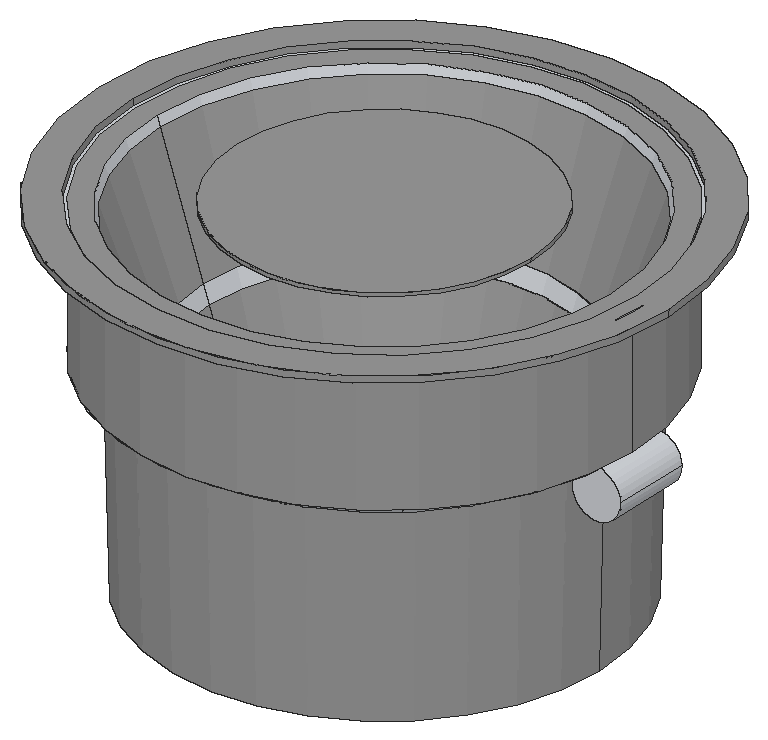
Revit family "2070138", category Lighting Fixtures, host Face, Revit 2018
Family settings
  Host = Face
  Round Connector Dimension = Use Diameter
  Part Type = Normal
  OmniClass Number = 23.80.70.00
  OmniClass Title = Lighting
  Cut with Voids When Loaded = No
  Light Source = Yes
  Shared = No
  Room Calculation Point = No
Parameters (values of type "2070138 SOLST 150 1850LM 940  DALI WW")
  Weight = "n/a"
  Wattage Comments = ""
  Wattage = 9.2903 W
  WarrantyStartDate [instance] = "n/a"
  WarrantyGuarantorParts = "n/a"
  WarrantyDurationUnit = "n/a"
  WarrantyDurationParts = ""
  WarrantyDescription = "http://www.sylvania-lighting.com"
  built-in parameter 1150110 = 1 (stored number, unit not read)
  Voltage = 0 V
  URL = "0.98"
  TypeName = "Solstice 150 1850lm 940  DALI WW"
  Type Image = <None>
  Type Comments = "n/a"
  built-in parameter 1114217 = 1 (stored number, unit not read)
  Tilt Angle = -90.00°
  built-in parameter 1150109 = 1 (stored number, unit not read)
  built-in parameter 1150134 = 3
  built-in parameter 1150113 = 1 (stored number, unit not read)
  SerialNumber [instance] = "n/a"
  Photometric Web File = "2070138.IES"
  Material_3_SYL = none
  PowerFactor = 0
  PowerConsumption = "Lighting"
  NominalLength = 165 mm
  NominalHeight = 45 mm
  NominalDepth = 165 mm
  Name = "Solstice 150 1850lm 940  DALI WW"
  ModelReference = Name  # "Solstice 150 1850lm 940  DALI WW"
  ModelNumber = "2070138"
  Model = Name  # "Solstice 150 1850lm 940  DALI WW"
  Material = "Feilo Sylvania"
  ManufacturerName = "123 lm/W"
  Manufacturer = ""
  LuminousEfficacy = ""
  built-in parameter 1150105 = 109.82 (stored number, unit not read)
  Lumens = 1380 lm
  LuminaireType = "0"
  built-in parameter 1150115 = 1 (stored number, unit not read)
  LightOutputRatio = "LED"
  built-in parameter 1150137 = (empty or 0)
  built-in parameter 1150139 = (empty or 0)
  LampsType = Lamp  # "n/a"
  LampNominalLuminous = "4000 K"
  LampMacAdamStep = "90"
  LampColourTemperature = "LED"
  LampColourRenderingIndex = "16500"
  built-in parameter 1150112 = 1 (stored number, unit not read)
  built-in parameter 1150114 = 1 (stored number, unit not read)
  Lamp = "n/a"
  Keynote = "n/a"
  InstallationDate [instance] = "n/a"
  InputVoltage = "0"
  InputNominalFrequency = "4000"
  built-in parameter 1150132 = (empty or 0)
  built-in parameter 1150102 = (empty or 0)
  built-in parameter 1150107 = 3200 (stored number, unit not read)
  built-in parameter 1150138 = (empty or 0)
  IngressProtection = "IfcLightFixtureType"
  ImpactProtectionIndex = "IfcLightFixtureType"
  built-in parameter 1150106 = 1.0982 (stored number, unit not read)
  IfcExportType = "IfcLightFixtureType"
  IfcExportAs = "Class II"
  Emit from Circle Diameter = 609.6 mm
  Emit Shape Visible in Rendering = no
  ElectricShockClassification = "123"
  built-in parameter 1150104 = 13.8 (stored number, unit not read)
  DocumentationLiterature = "http://www.sylvania-lighting.com/product/en-int/products/2070138"
  DimmingControlOptions = "n/a"
  Material_2_SYL = none
  Dimming Lamp Color Temperature Shift = <None>
  Description = "The Solstice 150 1850lm 940 DALI WW is a high efficient DALI dimmable downlight luminaire, Colour rendering index Ra>90, Colour temperature: 4000K Neutral White, Class II, Protection rating IP40/IP20, Cut out dimensions: 150mm."
  Default Elevation = 1219.2 mm
  CreatedOn = "03/08/2023"
  CreatedBy = "@sylvania-lighting.com"
  Cost = 0
  Color Filter = 16777215
  built-in parameter 1114216 [instance] = (empty or 0)
  ClassificationValue = "EF_70_80"
  ClassificationName = "Uniclass2015"
  Material_1_SYL = none
  BarCode [instance] = "n/a"
  built-in parameter 1114218 = 1 (stored number, unit not read)
  built-in parameter 1150133 = 10 (stored number, unit not read)
  AssetType = "Fixed"
  AssetIdentifier [instance] = "n/a"
  Assembly Code = "D5020200"
  Apparent Load = 15 VA
  Material_4_SYL = none
Reference planes
  plane 1 "Center (Front/Back)": y = 0
  plane 2: z = 0
  plane 3 "Center (Left/Right)": x = 0
  plane 4: x = -82.5
  plane 5: x = 82.5
  plane 6: y = 82.5
  plane 7: y = -82.5
  plane 8: y = 75
  plane 9: y = -75
  plane 10: y = 73
  plane 11: y = -73
  plane 12: x = 73
  plane 13: x = 75
  plane 14: x = 66
  plane 15: z = 3.8
  plane 16: x = -66.957
  plane 17: x = -66
  plane 18: z = -43.942
  plane 19: x = 66.001
  plane 20: x = 64.013
  plane 21: x = -64
  plane 22: z = -45.791
  plane 23: x = 69.732
Forms (mm)
  Extrusion 1, void
    sketch origin (0, 0, 0) x (1, 0, 0) y (0, 1, 0)
      loop
        circle (0, 0) r 75
    from -93.856 to 21.107
  Blend 2, solid, material "Aluminum"
    base sketch origin (0, 0, 0) x (1, 0, 0) y (0, 1, 0)
      loop
        circle (0, 0) r 82.5
    top sketch origin (0, 0, 0) x (1, 0, 0) y (0, 1, 0)
      loop
        circle (0, 0) r 82.5
    from 0 to 1.8
  Extrusion 3, void
    sketch origin (0, 0, 0) x (1, 0, 0) y (0, 1, 0)
      loop
        circle (0, 0) r 73
    from 0 to 1.8
  Blend 4, solid, material "Aluminum"
    base sketch origin (0, 0, 0) x (1, 0, 0) y (0, 1, 0)
      loop
        circle (0, 0) r 72
    top sketch origin (0, 0, 0) x (1, 0, 0) y (0, 1, 0)
      loop
        circle (0, 0) r 72
    from -38.989 to 0
  Blend 5, solid
    base sketch origin (0, 0, 0) x (1, 0, 0) y (0, 1, 0)
      loop
        circle (0, 0) r 75
    top sketch origin (0, 0, 0) x (1, 0, 0) y (0, 1, 0)
      loop
        circle (0, 0) r 72
    from 0 to -2.5
  Blend 6, solid
    base sketch origin (0, 0, 0) x (1, 0, 0) y (0, 1, 0)
      loop
        circle (0, 0) r 64
    top sketch origin (0, 0, 0) x (1, 0, 0) y (0, 1, 0)
      loop
        circle (0, 0) r 72
    from -43.942 to -38.989
  Blend 7, solid, material "Aluminum"
    base sketch origin (0, 0, 0) x (1, 0, 0) y (0, 1, 0)
      loop
        circle (0, 0) r 62.5
    top sketch origin (0, 0, 0) x (1, 0, 0) y (0, 1, 0)
      loop
        circle (0, 0) r 64
    from -98.977 to -43.942
  Blend 8, void
    base sketch origin (0, 1219.2, 38) x (1, 0, 0) y (0, 1, 0)
      loop
        circle (0, -1219.2) r 66.5
    top sketch origin (0, 1219.2, 38) x (1, 0, 0) y (0, 1, 0)
      loop
        circle (0, -1219.2) r 42.5
    from -36.2 to -106.2
  Extrusion 9, solid, material "Glass, White, High Luminance", detail levels fine
    sketch origin (0, 0, 0) x (1, 0, 0) y (0, 1, 0)
      loop
        circle (0, 0) r 42.5
    from 0 to 1
  Extrusion 10, solid
    sketch origin (0, 0, 0) x (1, 0, 0) y (0, 0, 1)
      loop
        circle (70.068, -45.791) r 7
    from -11.421 to 10.579
Cuts and joins
  Extrusion 3 cuts Blend 2
  Blend 8 cuts Blend 5
  Extrusion 3, Blend 8 cuts Blend 4
  Blend 8 cuts Blend 6
  Blend 8 cuts Blend 7
Dimensions and locks
  "NominalLength": plane 4 to plane 5
  equal spacing: plane 4, plane 3 "Center (Left/Right)", plane 5
  "NominalDepth": plane 6 to plane 7
  equal spacing: plane 6, plane 1 "Center (Front/Back)", plane 7
  aligned and locked: plane 2 to host face
  aligned and locked: level to host face
Automatic sketch dimensions
  host sketch curve to host sketch curve = 2438.4 mm  (x2)
  plane 1 "Center (Front/Back)" to Extrusion 1 sketch curve = 0 mm
  Extrusion 1 sketch curve to plane 3 "Center (Left/Right)" = 0 mm
  plane 1 "Center (Front/Back)" to Blend 2 sketch curve = 0 mm  (x2)
  Blend 2 sketch curve to plane 3 "Center (Left/Right)" = 0 mm  (x2)
  plane 1 "Center (Front/Back)" to Extrusion 3 sketch curve = 0 mm
  Extrusion 3 sketch curve to plane 3 "Center (Left/Right)" = 0 mm
  plane 1 "Center (Front/Back)" to Blend 4 sketch curve = 0 mm  (x2)
  Blend 4 sketch curve to plane 3 "Center (Left/Right)" = 0 mm  (x2)
  plane 1 "Center (Front/Back)" to Blend 5 sketch curve = 0 mm  (x2)
  Blend 5 sketch curve to plane 3 "Center (Left/Right)" = 0 mm  (x2)
  plane 1 "Center (Front/Back)" to Blend 6 sketch curve = 0 mm  (x2)
  Blend 6 sketch curve to plane 3 "Center (Left/Right)" = 0 mm  (x2)
  plane 1 "Center (Front/Back)" to Blend 7 sketch curve = 0 mm  (x2)
  Blend 7 sketch curve to plane 3 "Center (Left/Right)" = 0 mm  (x2)
  plane 1 "Center (Front/Back)" to Blend 8 sketch curve = 0 mm  (x2)
  Blend 8 sketch curve to plane 3 "Center (Left/Right)" = 0 mm  (x2)
  plane 1 "Center (Front/Back)" to Extrusion 9 sketch curve = 0 mm
  Extrusion 9 sketch curve to plane 3 "Center (Left/Right)" = 0 mm
  plane 12 to Extrusion 10 sketch curve = 2.932 mm
  Extrusion 10 sketch curve to plane 18 = 1.849 mm
  radius of Extrusion 1 sketch curve = 75 mm
  radius of Blend 2 sketch curve = 82.5 mm  (x2)
  radius of Extrusion 3 sketch curve = 73 mm
  radius of Blend 4 sketch curve = 72 mm  (x2)
  radius of Blend 5 sketch curve = 75 mm
  radius of Blend 5 sketch curve = 72 mm
  radius of Blend 6 sketch curve = 64 mm
  radius of Blend 6 sketch curve = 72 mm
  radius of Blend 7 sketch curve = 62.5 mm
  radius of Blend 7 sketch curve = 64 mm
  radius of Blend 8 sketch curve = 66.5 mm
  radius of Blend 8 sketch curve = 42.5 mm
  radius of Extrusion 9 sketch curve = 42.5 mm
  radius of Extrusion 10 sketch curve = 7 mm
Connectors
  electrical at (0, 0, 0), driven by "Apparent Load", driven by "PowerFactor", driven by "Voltage"
    settings: index 1, voltage 0 V, apparent load 15 VA, apparent load phase1 0 VA, apparent load phase2 0 VA, apparent load phase3 0 VA, power factor 0, load classification "Lighting", number of poles 1, system type 30, power factor state 1, is connector primary yes, connector utility no, sub classification motor no, connector description ""
